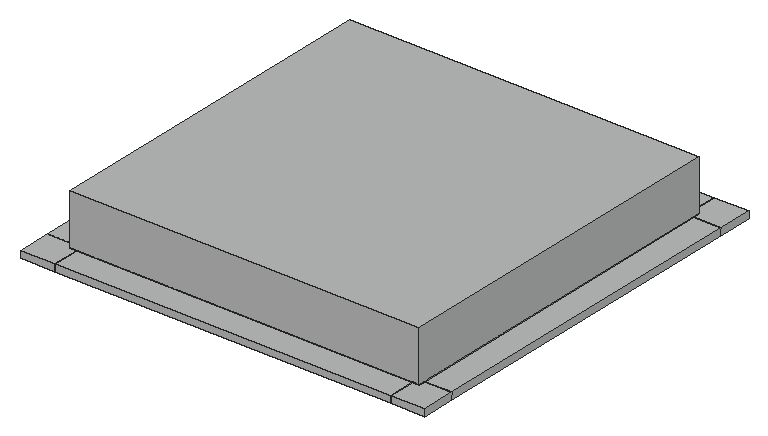
Revit family "ALUMOGIPS", category Осветительные приборы, Revit 2019 (continued)
Types (72, lengths in mm): name | Файл фотометрической сетки | built-in parameter 1150105 | Lumens | built-in parameter 1150106 | built-in parameter 1150142 | Wattage | Emit from Rectangle Width | Emit from Rectangle Length | Длина | Материал светильника | Ширина | ADSK_Ток | ADSK_Полная мощность | ADSK_Обозначение | ADSK_Номинальная мощность | ADSK_Наименование | ADSK_Масса | ADSK_Код изделия
  Alumogips-30/opal-sand 295х595 (IP40, 4000К, белый) c БАП на 3 часа | "Светильник ALUMOGIPS-30 OPAL-SAND-(295x595).IES" | 198.94 (stored number, unit not read) | 2500 lm | 1.9894 (stored number, unit not read) | "IESNA:LM-63-95\r\n[TEST] Протокол №80\r\n[DATA]26.06.2016\r\n[MORE] \r\n[MANUFAC] ЗАО \"Центрстройсвет\"\r\n[LUMCAT]  Светильник ALUMOGIPS-30/OPAL-SAND-(295x595)\r\n[LUMINAIRE]\r\n[LAMPCAT] Светодиоды\r\n[LAMP] Поток источника света (светодиодов) не известен\r\n[MORE] КСС приведена в абсолютных величинах кд\r\n[MORE] Вместо потока лампы, указан поток светильника.\r\nTILT=NONE\r\n1    2420 1.0 37 73 1 2 0.295 0.595 0.04\r\n1.0 1.0 28.9\r\n0.0 5.0 10.0 15.0 20.0 25.0 30.0 35.0 40.0 45.0 50.0 55.0 60.0 65.0 70.0 75.0 80.0 85.0 90.0 95.0 100.0 105.0 110.0 115.0 120.0 125.0 130.0 135.0 140.0 145.0 150.0 155.0 160.0 165.0 170.0 175.0 180.0\r\n0.0 5.0 10.0 15.0 20.0 25.0 30.0 35.0 40.0 45.0 50.0 55.0 60.0 65.0 70.0 75.0 80.0 85.0 90.0 95.0 100.0 105.0 110.0 115.0 120.0 125.0 130.0 135.0 140.0 145.0 150.0 155.0 160.0 165.0 170.0 175.0 180.0 185.0 190.0 195.0 200.0 205.0 210.0 215.0 220.0 225.0 230.0 235.0 240.0 245.0 250.0 255.0 260.0 265.0 270.0 275.0 280.0 285.0 290.0 295.0 300.0 305.0 310.0 315.0 320.0 325.0 330.0 335.0 340.0 345.0 350.0 355.0 360.0\r\n911.1 908.3 889.4 861.2 824.6 779.8 729.1 674.3 613.8 546.0 479.1 412.2 342.1 274.7 206.6 142.5 83.1 30.5 0.2 0.0 0.0 0.0 0.0 0.0 0.0 0.0 0.0 0.0 0.0 0.0 0.0 0.0 0.0 0.0 0.0 0.0 0.0\r\n911.1 908.3 890.4 862.2 826.0 781.2 730.0 673.5 610.8 545.9 478.1 412.0 343.0 274.6 207.5 142.8 83.4 31.1 0.3 0.0 0.0 0.0 0.0 0.0 0.0 0.0 0.0 0.0 0.0 0.0 0.0 0.0 0.0 0.0 0.0 0.0 0.0\r\n911.1 908.5 890.5 862.8 826.3 781.1 729.7 670.6 612.5 548.7 480.3 412.7 344.4 275.2 207.5 143.5 83.8 31.5 0.3 0.0 0.0 0.0 0.0 0.0 0.0 0.0 0.0 0.0 0.0 0.0 0.0 0.0 0.0 0.0 0.0 0.0 0.0\r\n911.1 909.2 889.7 860.5 825.1 782.3 731.0 672.5 613.1 547.3 478.2 411.8 342.9 275.2 208.3 143.7 83.9 31.8 0.3 0.0 0.0 0.0 0.0 0.0 0.0 0.0 0.0 0.0 0.0 0.0 0.0 0.0 0.0 0.0 0.0 0.0 0.0\r\n911.1 909.0 891.0 861.5 825.6 782.4 732.7 675.9 611.0 545.2 481.9 413.1 344.4 276.1 208.3 144.0 84.6 32.0 0.3 0.0 0.0 0.0 0.0 0.0 0.0 0.0 0.0 0.0 0.0 0.0 0.0 0.0 0.0 0.0 0.0 0.0 0.0\r\n911.1 908.9 890.1 863.3 826.9 783.2 729.2 673.9 611.8 547.8 480.9 414.1 343.8 275.8 208.6 144.4 85.0 32.4 0.3 0.0 0.0 0.0 0.0 0.0 0.0 0.0 0.0 0.0 0.0 0.0 0.0 0.0 0.0 0.0 0.0 0.0 0.0\r\n911.1 908.9 890.0 862.2 828.3 782.8 731.1 675.1 614.3 547.6 481.3 413.0 345.8 276.7 208.8 145.0 85.3 32.6 0.4 0.0 0.0 0.0 0.0 0.0 0.0 0.0 0.0 0.0 0.0 0.0 0.0 0.0 0.0 0.0 0.0 0.0 0.0\r\n911.1 908.5 891.5 865.2 825.7 780.8 732.5 674.6 615.0 551.3 482.1 414.1 345.1 277.4 208.6 145.5 85.5 33.2 0.5 0.0 0.0 0.0 0.0 0.0 0.0 0.0 0.0 0.0 0.0 0.0 0.0 0.0 0.0 0.0 0.0 0.0 0.0\r\n911.1 908.2 891.4 865.6 827.3 781.0 734.3 676.9 614.9 549.4 482.0 413.8 346.2 277.0 209.5 145.9 86.0 33.8 0.4 0.0 0.0 0.0 0.0 0.0 0.0 0.0 0.0 0.0 0.0 0.0 0.0 0.0 0.0 0.0 0.0 0.0 0.0\r\n911.1 908.7 891.0 864.3 829.6 784.0 732.9 673.2 614.9 550.2 484.5 414.8 346.4 277.8 210.5 146.4 87.2 33.9 0.6 0.0 0.0 0.0 0.0 0.0 0.0 0.0 0.0 0.0 0.0 0.0 0.0 0.0 0.0 0.0 0.0 0.0 0.0\r\n911.1 909.3 890.7 863.4 828.2 782.7 733.6 675.6 617.1 551.3 485.9 416.5 347.0 279.5 211.3 147.1 87.6 34.5 0.8 0.0 0.0 0.0 0.0 0.0 0.0 0.0 0.0 0.0 0.0 0.0 0.0 0.0 0.0 0.0 0.0 0.0 0.0\r\n911.1 908.7 892.5 864.0 829.2 784.2 733.3 676.9 615.6 551.9 484.7 416.9 348.3 279.6 211.6 148.3 88.1 35.0 0.9 0.0 0.0 0.0 0.0 0.0 0.0 0.0 0.0 0.0 0.0 0.0 0.0 0.0 0.0 0.0 0.0 0.0 0.0\r\n911.1 907.6 892.1 865.2 827.4 784.6 731.8 676.8 617.7 552.8 485.1 418.8 350.7 281.3 212.5 148.4 89.0 35.7 1.0 0.0 0.0 0.0 0.0 0.0 0.0 0.0 0.0 0.0 0.0 0.0 0.0 0.0 0.0 0.0 0.0 0.0 0.0\r\n911.1 907.1 892.1 864.5 830.2 788.3 733.6 677.4 617.3 552.0 487.9 420.8 349.8 281.3 213.4 149.2 89.9 36.2 1.3 0.0 0.0 0.0 0.0 0.0 0.0 0.0 0.0 0.0 0.0 0.0 0.0 0.0 0.0 0.0 0.0 0.0 0.0\r\n911.1 907.7 891.9 865.7 828.5 785.6 735.2 678.9 620.0 555.8 488.8 421.1 351.5 282.7 215.2 149.7 90.8 36.9 1.5 0.0 0.0 0.0 0.0 0.0 0.0 0.0 0.0 0.0 0.0 0.0 0.0 0.0 0.0 0.0 0.0 0.0 0.0\r\n911.1 907.8 891.0 864.8 830.1 786.1 738.7 679.4 616.5 556.6 490.6 420.2 352.4 284.5 215.4 151.3 91.1 37.6 1.5 0.0 0.0 0.0 0.0 0.0 0.0 0.0 0.0 0.0 0.0 0.0 0.0 0.0 0.0 0.0 0.0 0.0 0.0\r\n911.1 907.6 892.2 865.5 829.8 785.3 740.8 681.1 621.3 555.2 488.2 422.8 352.5 285.0 216.2 151.5 92.2 38.3 1.9 0.0 0.0 0.0 0.0 0.0 0.0 0.0 0.0 0.0 0.0 0.0 0.0 0.0 0.0 0.0 0.0 0.0 0.0\r\n911.1 907.4 892.1 866.1 829.8 787.6 737.3 681.4 621.4 556.0 491.1 422.7 354.9 284.7 217.1 152.4 93.0 39.4 2.0 0.0 0.0 0.0 0.0 0.0 0.0 0.0 0.0 0.0 0.0 0.0 0.0 0.0 0.0 0.0 0.0 0.0 0.0\r\n911.1 907.1 892.7 864.9 831.7 788.2 738.4 680.3 623.5 555.8 491.4 423.2 354.0 286.0 218.2 152.8 93.7 40.1 1.9 0.0 0.0 0.0 0.0 0.0 0.0 0.0 0.0 0.0 0.0 0.0 0.0 0.0 0.0 0.0 0.0 0.0 0.0\r\n911.1 907.4 892.3 867.6 830.6 789.2 737.9 683.1 622.5 558.1 492.5 424.4 355.9 287.7 219.1 154.3 94.7 40.4 2.5 0.0 0.0 0.0 0.0 0.0 0.0 0.0 0.0 0.0 0.0 0.0 0.0 0.0 0.0 0.0 0.0 0.0 0.0\r\n911.1 907.5 892.4 866.9 832.1 790.0 736.6 683.9 623.3 559.4 493.1 425.9 357.0 288.4 220.1 155.2 95.3 41.1 2.6 0.0 0.0 0.0 0.0 0.0 0.0 0.0 0.0 0.0 0.0 0.0 0.0 0.0 0.0 0.0 0.0 0.0 0.0\r\n911.1 906.9 893.0 866.2 832.9 789.5 740.6 686.4 622.6 558.9 494.6 425.2 357.7 289.6 220.8 156.1 95.8 41.9 2.6 0.0 0.0 0.0 0.0 0.0 0.0 0.0 0.0 0.0 0.0 0.0 0.0 0.0 0.0 0.0 0.0 0.0 0.0\r\n911.1 906.5 892.0 867.1 832.6 789.9 741.4 686.3 627.3 561.0 497.2 429.6 357.8 290.1 222.7 156.4 96.7 42.4 3.1 0.0 0.0 0.0 0.0 0.0 0.0 0.0 0.0 0.0 0.0 0.0 0.0 0.0 0.0 0.0 0.0 0.0 0.0\r\n911.1 906.8 892.3 868.3 834.8 789.8 739.1 686.9 625.0 562.3 496.2 428.6 359.5 290.7 222.5 158.0 97.5 42.6 3.4 0.0 0.0 0.0 0.0 0.0 0.0 0.0 0.0 0.0 0.0 0.0 0.0 0.0 0.0 0.0 0.0 0.0 0.0\r\n911.1 907.7 893.1 868.2 834.1 793.7 743.1 687.9 626.4 562.8 495.5 430.8 360.5 292.6 223.4 158.6 97.7 43.5 3.3 0.0 0.0 0.0 0.0 0.0 0.0 0.0 0.0 0.0 0.0 0.0 0.0 0.0 0.0 0.0 0.0 0.0 0.0\r\n911.1 908.2 893.8 868.2 835.6 793.6 743.3 688.3 626.0 564.5 498.1 431.2 361.0 293.4 224.3 158.9 98.6 44.0 3.5 0.0 0.0 0.0 0.0 0.0 0.0 0.0 0.0 0.0 0.0 0.0 0.0 0.0 0.0 0.0 0.0 0.0 0.0\r\n911.1 906.7 894.2 868.9 835.7 792.8 743.7 688.3 628.3 564.5 497.7 430.5 361.2 293.3 224.8 160.4 99.3 44.4 3.7 0.0 0.0 0.0 0.0 0.0 0.0 0.0 0.0 0.0 0.0 0.0 0.0 0.0 0.0 0.0 0.0 0.0 0.0\r\n911.1 906.5 894.7 867.9 834.7 795.0 744.2 689.6 630.1 566.4 499.6 431.8 363.0 294.1 225.6 160.8 100.0 45.1 3.6 0.0 0.0 0.0 0.0 0.0 0.0 0.0 0.0 0.0 0.0 0.0 0.0 0.0 0.0 0.0 0.0 0.0 0.0\r\n911.1 906.5 895.1 869.9 835.9 794.8 744.6 690.7 627.4 566.4 500.2 432.4 364.0 294.7 227.0 161.2 100.6 45.6 3.8 0.0 0.0 0.0 0.0 0.0 0.0 0.0 0.0 0.0 0.0 0.0 0.0 0.0 0.0 0.0 0.0 0.0 0.0\r\n911.1 906.1 895.4 869.1 835.9 794.7 746.0 689.6 630.7 566.6 499.6 432.7 363.1 295.7 227.9 161.9 100.9 46.3 4.0 0.0 0.0 0.0 0.0 0.0 0.0 0.0 0.0 0.0 0.0 0.0 0.0 0.0 0.0 0.0 0.0 0.0 0.0\r\n911.1 906.1 894.6 870.7 836.3 795.3 746.6 689.6 632.6 567.7 500.1 432.1 364.4 296.0 227.8 162.7 101.4 46.4 4.5 0.0 0.0 0.0 0.0 0.0 0.0 0.0 0.0 0.0 0.0 0.0 0.0 0.0 0.0 0.0 0.0 0.0 0.0\r\n911.1 906.3 895.6 868.8 835.5 793.2 745.3 690.7 630.8 568.5 500.6 433.3 364.7 295.8 227.5 162.6 101.3 46.8 4.6 0.0 0.0 0.0 0.0 0.0 0.0 0.0 0.0 0.0 0.0 0.0 0.0 0.0 0.0 0.0 0.0 0.0 0.0\r\n911.1 907.0 895.4 871.8 837.5 794.5 744.5 690.6 631.8 568.8 502.5 436.2 365.6 296.2 228.3 163.9 101.9 47.1 4.6 0.0 0.0 0.0 0.0 0.0 0.0 0.0 0.0 0.0 0.0 0.0 0.0 0.0 0.0 0.0 0.0 0.0 0.0\r\n911.1 907.6 895.4 871.8 839.2 796.0 747.1 690.6 629.6 567.5 501.4 434.5 365.7 297.2 228.8 163.4 102.4 47.5 4.6 0.0 0.0 0.0 0.0 0.0 0.0 0.0 0.0 0.0 0.0 0.0 0.0 0.0 0.0 0.0 0.0 0.0 0.0\r\n911.1 906.1 895.5 871.6 838.7 794.9 748.2 694.5 632.4 570.3 502.5 434.5 365.5 297.1 229.4 164.0 102.4 47.5 4.7 0.0 0.0 0.0 0.0 0.0 0.0 0.0 0.0 0.0 0.0 0.0 0.0 0.0 0.0 0.0 0.0 0.0 0.0\r\n911.1 904.8 895.9 869.8 836.7 797.2 747.1 691.9 633.4 569.5 503.4 435.1 366.2 298.1 229.3 163.6 102.3 47.2 4.3 0.0 0.0 0.0 0.0 0.0 0.0 0.0 0.0 0.0 0.0 0.0 0.0 0.0 0.0 0.0 0.0 0.0 0.0\r\n911.1 905.3 894.0 871.2 840.2 796.2 748.3 691.8 631.5 572.4 503.6 433.5 366.8 297.9 229.2 163.3 101.8 46.8 3.8 0.0 0.0 0.0 0.0 0.0 0.0 0.0 0.0 0.0 0.0 0.0 0.0 0.0 0.0 0.0 0.0 0.0 0.0\r\n911.1 906.0 894.9 870.9 837.1 795.0 745.7 693.0 630.8 569.0 503.7 436.4 366.4 297.7 229.8 163.4 101.8 46.5 3.4 0.0 0.0 0.0 0.0 0.0 0.0 0.0 0.0 0.0 0.0 0.0 0.0 0.0 0.0 0.0 0.0 0.0 0.0\r\n911.1 905.6 893.6 871.4 839.9 797.6 749.1 691.5 633.0 570.8 502.5 434.8 366.1 296.6 228.5 162.8 101.0 46.0 2.9 0.0 0.0 0.0 0.0 0.0 0.0 0.0 0.0 0.0 0.0 0.0 0.0 0.0 0.0 0.0 0.0 0.0 0.0\r\n911.1 905.5 894.6 871.9 838.0 794.6 747.0 692.0 634.0 569.3 502.9 435.5 366.8 296.4 228.8 163.2 101.1 46.1 2.8 0.0 0.0 0.0 0.0 0.0 0.0 0.0 0.0 0.0 0.0 0.0 0.0 0.0 0.0 0.0 0.0 0.0 0.0\r\n911.1 906.2 893.1 871.0 837.2 796.8 749.0 694.0 633.1 569.5 503.5 436.7 366.4 297.6 228.4 162.6 101.3 45.7 2.8 0.0 0.0 0.0 0.0 0.0 0.0 0.0 0.0 0.0 0.0 0.0 0.0 0.0 0.0 0.0 0.0 0.0 0.0\r\n911.1 905.4 893.6 869.9 837.0 796.8 747.6 692.4 634.5 568.4 503.4 433.2 365.8 296.2 227.1 162.3 100.7 45.6 2.7 0.0 0.0 0.0 0.0 0.0 0.0 0.0 0.0 0.0 0.0 0.0 0.0 0.0 0.0 0.0 0.0 0.0 0.0\r\n911.1 905.2 893.1 870.9 837.6 799.4 749.7 694.6 632.4 569.7 501.2 433.7 366.5 296.3 227.6 162.0 100.7 45.2 2.6 0.0 0.0 0.0 0.0 0.0 0.0 0.0 0.0 0.0 0.0 0.0 0.0 0.0 0.0 0.0 0.0 0.0 0.0\r\n911.1 905.6 892.8 867.9 836.3 795.3 747.6 693.8 632.3 568.8 503.5 433.9 364.4 295.4 227.4 162.1 100.2 45.0 2.6 0.0 0.0 0.0 0.0 0.0 0.0 0.0 0.0 0.0 0.0 0.0 0.0 0.0 0.0 0.0 0.0 0.0 0.0\r\n911.1 906.0 891.2 869.4 838.7 796.6 744.5 691.3 630.5 568.4 500.5 432.6 364.8 294.7 226.6 161.5 99.4 44.6 2.4 0.0 0.0 0.0 0.0 0.0 0.0 0.0 0.0 0.0 0.0 0.0 0.0 0.0 0.0 0.0 0.0 0.0 0.0\r\n911.1 906.3 892.3 868.8 836.4 794.7 746.4 690.6 628.4 567.4 501.0 433.5 364.4 294.7 226.3 161.5 99.1 44.1 2.3 0.0 0.0 0.0 0.0 0.0 0.0 0.0 0.0 0.0 0.0 0.0 0.0 0.0 0.0 0.0 0.0 0.0 0.0\r\n911.1 906.1 891.2 870.3 836.5 796.5 746.5 691.1 630.2 565.4 501.0 432.5 361.6 293.6 224.8 160.3 98.9 43.7 2.2 0.0 0.0 0.0 0.0 0.0 0.0 0.0 0.0 0.0 0.0 0.0 0.0 0.0 0.0 0.0 0.0 0.0 0.0\r\n911.1 906.7 892.3 869.5 834.4 794.2 744.3 688.5 631.3 567.2 500.0 431.6 362.1 292.6 224.4 159.4 98.3 43.1 2.1 0.0 0.0 0.0 0.0 0.0 0.0 0.0 0.0 0.0 0.0 0.0 0.0 0.0 0.0 0.0 0.0 0.0 0.0\r\n911.1 906.3 891.7 869.3 838.3 794.6 745.1 687.7 632.2 566.3 497.6 429.3 361.9 293.2 223.9 158.7 97.6 42.4 1.9 0.0 0.0 0.0 0.0 0.0 0.0 0.0 0.0 0.0 0.0 0.0 0.0 0.0 0.0 0.0 0.0 0.0 0.0\r\n911.1 906.6 891.2 870.7 835.8 791.7 742.2 688.7 628.2 564.3 497.8 429.8 361.0 291.5 223.5 157.7 97.3 42.0 1.8 0.0 0.0 0.0 0.0 0.0 0.0 0.0 0.0 0.0 0.0 0.0 0.0 0.0 0.0 0.0 0.0 0.0 0.0\r\n911.1 906.1 891.3 868.6 834.6 791.7 744.4 685.8 625.4 562.6 496.6 428.8 360.1 290.5 222.4 157.1 96.1 41.3 1.7 0.0 0.0 0.0 0.0 0.0 0.0 0.0 0.0 0.0 0.0 0.0 0.0 0.0 0.0 0.0 0.0 0.0 0.0\r\n911.1 905.2 892.6 868.1 835.0 791.5 742.2 686.7 625.4 563.1 497.3 427.9 358.4 290.7 221.2 155.8 95.6 40.8 1.5 0.0 0.0 0.0 0.0 0.0 0.0 0.0 0.0 0.0 0.0 0.0 0.0 0.0 0.0 0.0 0.0 0.0 0.0\r\n911.1 905.3 892.8 868.0 833.0 791.3 744.3 685.1 623.6 560.5 492.9 426.5 357.2 288.9 220.3 154.7 94.8 40.1 1.3 0.0 0.0 0.0 0.0 0.0 0.0 0.0 0.0 0.0 0.0 0.0 0.0 0.0 0.0 0.0 0.0 0.0 0.0\r\n911.1 906.6 890.8 868.3 833.0 790.4 741.1 685.4 624.1 560.7 492.9 424.1 356.4 288.9 219.7 154.0 93.5 39.4 1.2 0.0 0.0 0.0 0.0 0.0 0.0 0.0 0.0 0.0 0.0 0.0 0.0 0.0 0.0 0.0 0.0 0.0 0.0\r\n911.1 907.4 891.8 866.4 833.1 790.2 739.5 683.6 621.7 561.4 494.4 424.6 356.0 287.1 219.0 153.3 92.5 38.6 1.1 0.0 0.0 0.0 0.0 0.0 0.0 0.0 0.0 0.0 0.0 0.0 0.0 0.0 0.0 0.0 0.0 0.0 0.0\r\n911.1 907.0 891.7 867.9 832.2 788.0 736.3 683.3 623.7 556.4 492.1 424.3 353.3 286.6 217.1 152.4 91.9 37.8 0.8 0.0 0.0 0.0 0.0 0.0 0.0 0.0 0.0 0.0 0.0 0.0 0.0 0.0 0.0 0.0 0.0 0.0 0.0\r\n911.1 906.8 892.1 865.5 829.5 787.9 737.3 680.4 618.9 555.6 491.7 423.2 353.3 284.2 216.2 151.5 91.3 37.0 0.7 0.0 0.0 0.0 0.0 0.0 0.0 0.0 0.0 0.0 0.0 0.0 0.0 0.0 0.0 0.0 0.0 0.0 0.0\r\n911.1 906.0 890.4 864.7 830.5 788.2 737.8 682.0 618.5 554.8 489.2 421.0 352.5 282.8 214.0 149.9 90.1 36.6 0.6 0.0 0.0 0.0 0.0 0.0 0.0 0.0 0.0 0.0 0.0 0.0 0.0 0.0 0.0 0.0 0.0 0.0 0.0\r\n911.1 905.1 891.5 865.2 828.0 784.8 738.1 677.5 619.3 553.0 488.5 419.0 350.1 282.1 214.0 149.5 89.3 35.6 0.4 0.0 0.0 0.0 0.0 0.0 0.0 0.0 0.0 0.0 0.0 0.0 0.0 0.0 0.0 0.0 0.0 0.0 0.0\r\n911.1 906.0 891.6 863.4 826.4 784.8 735.2 679.4 616.1 553.3 487.5 418.1 349.5 281.2 213.4 148.4 88.5 34.8 0.3 0.0 0.0 0.0 0.0 0.0 0.0 0.0 0.0 0.0 0.0 0.0 0.0 0.0 0.0 0.0 0.0 0.0 0.0\r\n911.1 906.8 890.4 864.5 828.0 784.0 735.1 678.8 616.8 551.9 484.6 417.7 349.7 279.3 211.1 147.6 87.7 34.2 0.3 0.0 0.0 0.0 0.0 0.0 0.0 0.0 0.0 0.0 0.0 0.0 0.0 0.0 0.0 0.0 0.0 0.0 0.0\r\n911.1 907.5 888.8 862.0 826.9 780.2 732.3 675.0 614.9 551.2 485.3 416.4 346.6 278.8 211.6 146.2 86.7 33.6 0.2 0.0 0.0 0.0 0.0 0.0 0.0 0.0 0.0 0.0 0.0 0.0 0.0 0.0 0.0 0.0 0.0 0.0 0.0\r\n911.1 907.5 889.7 863.2 826.6 785.1 732.2 672.0 614.2 551.3 484.5 416.7 346.2 277.6 210.1 145.9 85.8 32.8 0.2 0.0 0.0 0.0 0.0 0.0 0.0 0.0 0.0 0.0 0.0 0.0 0.0 0.0 0.0 0.0 0.0 0.0 0.0\r\n911.1 907.3 890.1 863.9 825.1 780.0 730.7 678.4 612.1 549.9 481.9 414.5 344.9 276.9 209.3 145.1 85.2 32.3 0.1 0.0 0.0 0.0 0.0 0.0 0.0 0.0 0.0 0.0 0.0 0.0 0.0 0.0 0.0 0.0 0.0 0.0 0.0\r\n911.1 908.5 889.1 862.4 825.5 781.7 731.2 672.6 612.0 547.6 482.4 413.8 345.8 275.4 208.5 144.0 84.8 31.6 0.1 0.0 0.0 0.0 0.0 0.0 0.0 0.0 0.0 0.0 0.0 0.0 0.0 0.0 0.0 0.0 0.0 0.0 0.0\r\n911.1 908.0 889.3 861.7 824.9 780.9 731.0 672.8 611.9 545.5 481.0 411.8 343.3 274.8 207.7 143.4 84.0 31.2 0.1 0.0 0.0 0.0 0.0 0.0 0.0 0.0 0.0 0.0 0.0 0.0 0.0 0.0 0.0 0.0 0.0 0.0 0.0\r\n911.1 906.5 887.9 861.2 824.2 781.5 729.8 672.2 609.7 547.2 479.7 411.1 343.5 274.5 206.8 143.2 83.6 30.7 0.1 0.0 0.0 0.0 0.0 0.0 0.0 0.0 0.0 0.0 0.0 0.0 0.0 0.0 0.0 0.0 0.0 0.0 0.0\r\n911.1 906.8 888.0 859.9 826.4 781.3 727.9 671.1 610.9 546.9 478.6 411.5 342.5 274.4 207.1 142.8 83.0 30.3 0.1 0.0 0.0 0.0 0.0 0.0 0.0 0.0 0.0 0.0 0.0 0.0 0.0 0.0 0.0 0.0 0.0 0.0 0.0\r\n911.1 907.2 889.6 859.4 824.1 778.8 730.0 672.0 610.3 544.9 478.2 410.6 341.6 274.5 206.3 141.9 82.8 30.0 0.1 0.0 0.0 0.0 0.0 0.0 0.0 0.0 0.0 0.0 0.0 0.0 0.0 0.0 0.0 0.0 0.0 0.0 0.0\r\n911.1 908.0 888.9 861.7 823.7 778.6 726.6 673.0 609.3 546.3 478.0 409.7 341.7 273.2 206.1 141.7 82.2 29.9 0.0 0.0 0.0 0.0 0.0 0.0 0.0 0.0 0.0 0.0 0.0 0.0 0.0 0.0 0.0 0.0 0.0 0.0 0.0\r\n911.1 908.5 889.0 862.2 823.5 778.2 729.5 669.6 608.8 545.8 478.2 411.0 340.7 272.7 206.2 142.0 82.2 29.8 0.1 0.0 0.0 0.0 0.0 0.0 0.0 0.0 0.0 0.0 0.0 0.0 0.0 0.0 0.0 0.0 0.0 0.0 0.0\r\n911.1 908.3 889.7 863.3 826.0 781.1 728.4 671.9 608.5 545.7 478.5 410.8 342.7 273.4 205.7 141.8 82.4 30.1 0.2 0.0 0.0 0.0 0.0 0.0 0.0 0.0 0.0 0.0 0.0 0.0 0.0 0.0 0.0 0.0 0.0 0.0 0.0\r\n911.1 908.3 889.4 861.2 824.6 779.8 729.1 674.3 613.8 546.0 479.1 412.2 342.1 274.7 206.6 142.5 83.1 30.5 0.2 0.0 0.0 0.0 0.0 0.0 0.0 0.0 0.0 0.0 0.0 0.0 0.0 0.0 0.0 0.0 0.0 0.0 0.0\r\n" | 16.8303 W | 275 | 575 | 595 | RAL 9001 | 295 | 0.141777 A | 32.6087 VA | "Alumogips-30/opal-sand 295х595 (IP40, 4000К, белый)" | 30 W | "Встраиваемый светодиодный светильник Alumogips-30/opal-sand 295х595 (IP40, 4000К, белый) c БАП на 3 час" | 1.3 | "ЦБ000007775"
